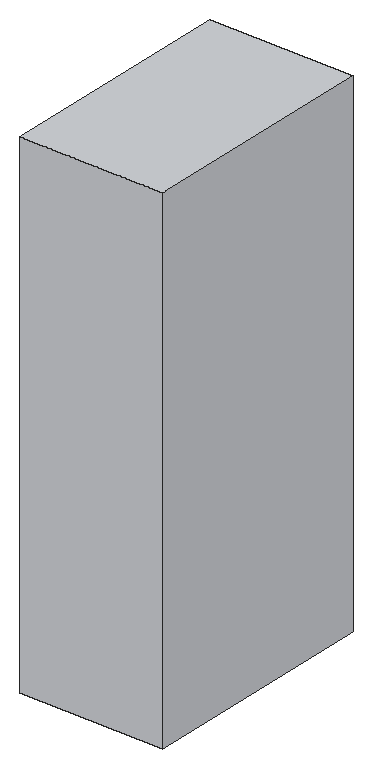
Revit family "SB12_RTU機櫃_600x1000x2100", category 電氣設備, Revit 2025
Family settings
  面板規劃 = 兩欄，回路穿越
  圓形接點標註 = 使用直徑
  組件類型 = 分電盤
  OmniClass 編號 = 23.80.30.11.17
  OmniClass 標題 = Distribution Boards and Control Panels
  以工作平面為基礎 = 否
  總是垂直 = 是
  載入時使用空心切割 = 否
  維持標註方位 = 否
  共用 = 否
  房間計算點 = 否
Parameters (values of type "RTU 與網路機櫃")
  built-in parameter 1155100 [instance] = -1
  Default Elevation = 0 mm
  built-in parameter 1140142 [instance] = -1
  SCADA_高mm [instance] = "2100"
  SCADA_附錄F項次 [instance] = "15"
  SCADA_附錄D項次 [instance] = "6"
  SCADA_編號 [instance] = "SB12-COMS-RTU-01"
  SCADA_站點 [instance] = "SB12"
  SCADA_深mm [instance] = "1000"
  SCADA_機櫃類型 [instance] = "RTU 與網路機櫃"
  SCADA_期別 [instance] = "第一期"
  SCADA_房間 [instance] = "COMS/SCADA 設備室"
  SCADA_建物 [instance] = "車站"
  SCADA_尺寸 [instance] = "600W×1000D×2100H"
  SCADA_寬mm [instance] = "600"
  SCADA_定位來源 [instance] = "獨立設備族群（載入專案後定位）"
  SCADA_備註 [instance] = ""
  SCADA_來源文件 [instance] = "Installation SoW_V6（Rev.006, 2026-07-02）附錄 D / F；依原文顏色標示排除已刪除項目"
  SCADA_UPS電源110V [instance] = "雙 UPS 電源（2×4500VA）"
  built-in parameter 1140140 [instance] = 1 (stored number, unit not read)
Reference planes
  plane 1 "中心 (前/後)": y = 0
  plane 2: z = 0
  plane 3 "中心 (左/右)": x = 0
Forms (mm)
  Extrusion 1, solid
    sketch origin (0, 0, 0) x (1, 0, 0) y (0, 1, 0)
      loop
        line (-300, -500) -> (300, -500) -> (300, 500) -> (-300, 500) -> (-300, -500)
    from 0 to 2100
Lines and regions (mm)
  model lines, style "開門線"
    curve 1: line (300, -500, 0) -> (300, -1100, 0)
    curve 2: arc (-300, -500, 0) -> (-124.264, -924.264, 0) -> (300, -1100, 0) r 600
    curve 3: line (-300, 500, 0) -> (-300, 1100, 0)
    curve 4: arc (300, 500, 0) -> (124.264, 924.264, 0) -> (-300, 1100, 0) r 600
Dimensions and locks
  aligned and locked: level to plane 2
